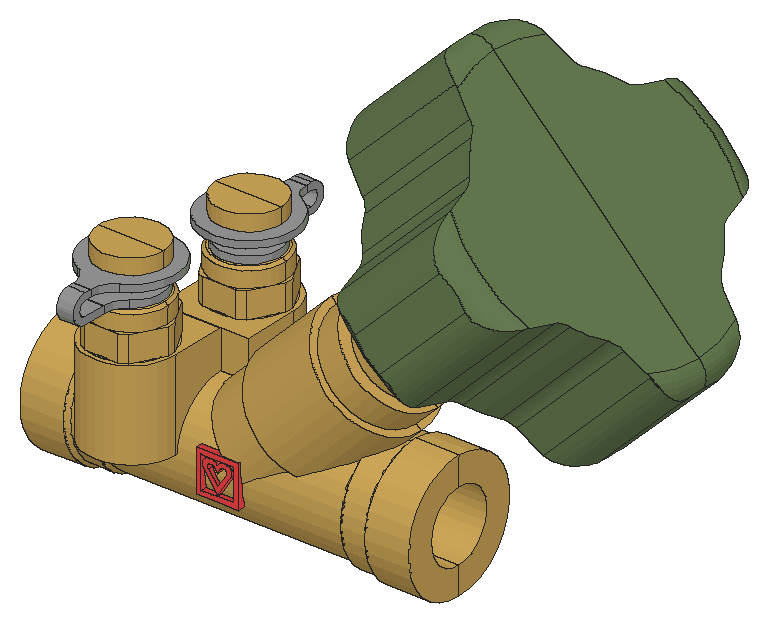
Revit family "HERZ Commissioning Valve With Metering Station For Drinking Water Systems 4017 MW", category Rohrzubehör, Revit 2018
Family settings
  Bemaßung runder Anschluss = Durchmesser verwenden
  Teiletyp = Unterbricht
  OmniClass-Nummer = 23.65.55.14
  OmniClass-Titel = Valves for Liquid Services
  Arbeitsebenenbasiert = Nein
  Immer vertikal = Ja
  Beim Laden mit Abzugskörper schneiden = Nein
  Gemeinsam genutzt = Nein
Parameters
  kvs-value [instance] = if(Nennweite = 15.000 mm, 2, if(Nennweite = 20.000 mm, 3.6, if(Nennweite = 25.000 mm, 6.5, if(Nennweite = 32.000 mm, 13.3, if(Nennweite = 40.000 mm, 18.5, if(Nennweite = 50.000 mm, 33, 0))))))  # 2
  kv-value of the orifice [instance] = if(Nennweite = 15.000 mm, 1.95, if(Nennweite = 20.000 mm, 3.95, if(Nennweite = 25.000 mm, 7.9, if(Nennweite = 32.000 mm, 15.75, if(Nennweite = 40.000 mm, 21.5, if(Nennweite = 50.000 mm, 46.7, 0))))))  # 1.95
  W01 = 45.00°  # constant formula
  URL = "www.herzvalves.com"
  SW01 = 60.00°  # constant formula
  SCRNSEQ = "FW;SBT_TYP_FW=\"109\";2"
  SCRNCODE = "04;00;02"  # constant formula
  S03 = 60.000 mm  # constant formula
  S02 [instance] = L04 + L06 + L07  # 76.800 mm
  S01 [instance] = D01 * 2  # 27.000 mm
  R03 = 21.500 mm  # constant formula
  R02 = 9.500 mm  # constant formula
  R01 = 12.000 mm  # constant formula
  Part number [instance] = size_lookup("4017_MW_", "Artnr", 0, Nennweite)  # 2401701
  O-Rings = "EPDM"  # constant formula
  Note = "Pursuant to Article 33 of the REACH Regulation (EC No. 1907/2006), we are obliged to point out that the material lead is listed on the SVHC list and that all brass components manufactured in our products exceed 0.1% (w / w) lead (CAS: 7439-92-1 / EINECS: 231-100-4).\r\nSince lead is a component part of an alloy, actual exposure is not possible and therefore no additional information on safe use is necessary."
  Model = "According to standard BS 7350 PN20 Series B\r\nAngle seat regulating valve made of copper alloy.\r\nAll metal parts in contact with water are made of dezincification-resistant copper alloy.\r\nThe upper parts are equipped with non-rising stem."
  Medium = "Water"  # constant formula
  L10 [instance] = size_lookup("4017_MW_", "L10", 1.000 mm, Nennweite)  # 28.500 mm
  L09 [instance] = size_lookup("4017_MW_", "L9", 1.000 mm, Nennweite)  # 22.500 mm
  L08 [instance] = size_lookup("4017_MW_", "L8", 1.000 mm, Nennweite)  # 12.700 mm
  L07 [instance] = size_lookup("4017_MW_", "L7", 1.000 mm, Nennweite)  # 35.100 mm
  L06 [instance] = size_lookup("4017_MW_", "L6", 1.000 mm, Nennweite)  # 6.500 mm
  L05 [instance] = size_lookup("4017_MW_", "L5", 1.000 mm, Nennweite)  # 20.200 mm
  L04 [instance] = size_lookup("4017_MW_", "L4", 1.000 mm, Nennweite)  # 35.200 mm
  L03 [instance] = size_lookup("4017_MW_", "L3", 1.000 mm, Nennweite)  # 1.000 mm
  Hand wheel = "plastic, green"  # constant formula
  H03 [instance] = H01 - 19.000 mm  # 1.000 mm
  H02 = 13.000 mm  # constant formula
  E01 [instance] = L00 / -2  # -41.500 mm
  E00 = 0.000 mm  # constant formula
  D09 [instance] = size_lookup("4017_MW_", "D9", 1.000 mm, Nennweite)  # 11.750 mm
  D08 [instance] = size_lookup("4017_MW_", "D8", 1.000 mm, Nennweite)  # 9.500 mm
  D07 [instance] = size_lookup("4017_MW_", "D7", 1.000 mm, Nennweite)  # 12.000 mm
  D06 [instance] = size_lookup("4017_MW_", "D6", 1.000 mm, Nennweite)  # 13.500 mm
  D05 [instance] = size_lookup("4017_MW_", "D5", 1.000 mm, Nennweite)  # 12.500 mm
  D04 [instance] = Nennweite / 2  # 7.500 mm
  IG [instance] = Nennweite / 2  # 7.500 mm
  D03 [instance] = size_lookup("4017_MW_", "D3", 1.000 mm, Nennweite)  # 11.900 mm
  D02 [instance] = size_lookup("4017_MW_", "D2", 1.000 mm, Nennweite)  # 12.700 mm
  D01 [instance] = size_lookup("4017_MW_", "D1", 1.000 mm, Nennweite)  # 13.500 mm
  Nennweite [instance] = 15.000 mm
  Max. differential pressure on closed seat = 1000000.0 Pa  # constant formula
  Max. operating temperature at 10 bar = 85 °C  # constant formula
  Max. operating pressure at 20°C = 2000000.0 Pa  # constant formula
  L02 [instance] = size_lookup("4017_MW_", "L2", 1.000 mm, Nennweite)  # 5.000 mm
  L01 [instance] = size_lookup("4017_MW_", "L1", 1.000 mm, Nennweite)  # 9.250 mm
  L00 [instance] = size_lookup("4017_MW_", "L", 1.000 mm, Nennweite)  # 83.000 mm
  Hersteller = "HERZ Armaturen Ges.m.b.H."  # constant formula
  H01 [instance] = size_lookup("4017_MW_", "H1", 1.000 mm, Nennweite)  # 20.000 mm
  GT [instance] = size_lookup("4017_MW_", "GT", 1.000 mm, Nennweite)  # 13.200 mm
  DN50 [instance] = Nennweite = 50.000 mm  # no
  DN40 [instance] = Nennweite = 40.000 mm  # no
  DN32 [instance] = Nennweite = 32.000 mm  # no
  DN25 [instance] = Nennweite = 25.000 mm  # no
  DN20 [instance] = Nennweite = 20.000 mm  # no
  DN15 [instance] = Nennweite = 15.000 mm  # yes
  Body = "DZR brass"  # constant formula
  Application = "For shutting off and regulating drinking water systems in buildings or for hydraulic balancing of supply lines."
Reference planes
  plane 1 "Mitte (Vorne/hinten)": y = 0
  plane 2: z = 0
  plane 3 "Mitte (Links/rechts)": x = 0
Forms (mm)
  Revolve 1, solid, material "Messing, weicher Gelbton, geschweißt", detail levels fine
    sketch origin (470, 0, 0) x (1, 0, 0) y (0, 0, 1)
      loop
        line (-511.5, 7.5) -> (-498.3, 7.5) -> (-498.3, 0) -> (-441.7, 0) -> (-441.7, 7.5) -> (-428.5, 7.5) -> (-428.5, 13.5) -> (-437.75, 13.5) -> (-438.55, 12.7) -> (-443.55, 12.7) -> (-444.35, 11.9) -> (-495.65, 11.9) -> (-496.45, 12.7) -> (-501.45, 12.7) -> (-502.25, 13.5) -> (-511.5, 13.5) -> (-511.5, 7.5)
      axis (-511.5, 0) -> (-428.5, 0)
    angle from 0 to 360
  Revolve 2, solid, material "Messing, weicher Gelbton, geschweißt", detail levels fine
    sketch origin (0.32, 0, -0.105) x (1, 0, 0) y (0, 0, 1)
      loop
        line (-1.32, 0.105) -> (52.986, 54.411) -> (44.677, 62.719) -> (35.697, 53.739) -> (37.288, 52.148) -> (21.449, 36.309) -> (19.681, 38.076) -> (15.085, 33.48) -> (14.024, 34.541) -> (-0.259, 20.257) -> (0.448, 19.55) -> (-7.098, 12.005) -> (-6.623, 5.408) -> (-1.32, 0.105)
      axis (-1.32, 0.105) -> (52.986, 54.411)
    angle from 0 to 360
  Extrusion 3, solid, material "Messing, weicher Gelbton, geschweißt", detail levels fine
    sketch origin (0, 0, 0) x (1, 0, 0) y (0, 1, 0)
      loop
        arc (-28.5, -12) -> (-19, -21.5) -> (-9.5, -12) r 9.5
        line (-9.5, -12) -> (-9.5, 0) -> (-28.5, 0) -> (-28.5, -12)
    from 1 <- "H03" to 20 <- "H01"
  Extrusion 4, solid, material "Messing, weicher Gelbton, geschweißt", detail levels fine
    sketch origin (0, 0, 0) x (1, 0, 0) y (0, 1, 0)
      loop
        line (-22.5, 12) -> (-22.5, 0) -> (-3.5, 0) -> (-3.5, 12)
        arc (-3.5, 12) -> (-13, 21.5) -> (-22.5, 12) r 9.5
    from 0 to 20 <- "H01"
Lines and regions (mm)
  model lines, detail levels coarse+medium
    curve 1: line (-41.5, 0, 13.5) -> (-41.5, 0, -13.5)
    curve 2: line (-41.5, 0, -13.5) -> (41.5, 0, 13.5)
    curve 3: line (41.5, 0, 13.5) -> (41.5, 0, -13.5)
    curve 4: line (41.5, 0, -13.5) -> (-41.5, 0, 13.5)
    curve 5: line (0, 0, 0) -> (38.4, 0, 66.511)
    curve 6: line (12.419, 0, 81.511) -> (64.381, 0, 51.511)
    curve 7: line (-41.5, -13.5, 0) -> (-41.5, 13.5, 0)
    curve 8: line (-41.5, 13.5, 0) -> (41.5, -13.5, 0)
    curve 9: line (41.5, -13.5, 0) -> (41.5, 13.5, 0)
    curve 10: line (41.5, 13.5, 0) -> (-41.5, -13.5, 0)
    curve 11: line (0, 0, 0) -> (38.4, 66.511, 0)
    curve 12: line (12.419, 81.511, 0) -> (64.381, 51.511, 0)
Dimensions and locks
  "L00": Revolve 1 sketch curve to Revolve 1 sketch curve
  equal spacing: Revolve 1 sketch curve, plane 3 "Mitte (Links/rechts)", Revolve 1 sketch curve
  "D01": Revolve 1 sketch curve to Revolve 1 sketch curve  (x2)
  "GT": Revolve 1 sketch curve to Revolve 1 sketch curve  (x2)
  "D06": Revolve 2 sketch curve to Revolve 2 sketch curve
  "D07": Revolve 2 sketch curve to Revolve 2 sketch curve
  "D08": Revolve 2 sketch curve to Revolve 2 sketch curve
  "D09": Revolve 2 sketch curve to Revolve 2 sketch curve
  equal spacing: curve 1, plane 3 "Mitte (Links/rechts)", curve 3
  "L00": curve 1 to curve 3
  equal spacing: curve 4, plane 2, curve 2
  "S01": curve 4 to curve 1
  "S01": curve 3 to curve 4
  equal spacing: curve 3, plane 2, curve 4
  "S02": curve 5 to curve 5
  equal spacing: curve 6, curve 5, curve 6
  "S03": curve 6 to curve 6
  equal spacing: curve 7, plane 3 "Mitte (Links/rechts)", curve 9
  "L00": curve 7 to curve 9
  equal spacing: curve 10, plane 1 "Mitte (Vorne/hinten)", curve 8
  "S01": curve 8 to curve 10
  equal spacing: curve 9, plane 1 "Mitte (Vorne/hinten)", curve 10
  "S01": curve 10 to curve 9
  "S02": curve 11 to curve 11
  equal spacing: curve 12, curve 11, curve 12
  "S03": curve 12 to curve 12
  "L01": Revolve 1 sketch curve to Revolve 1 sketch curve  (x2)
  "D02": Revolve 1 sketch curve to plane 2  (x2)
  "D03": Revolve 1 sketch curve to plane 2
  "IG": Revolve 1 sketch curve to plane 2  (x2)
  "L02": Revolve 1 sketch curve to Revolve 1 sketch curve  (x2)
  "L04": Revolve 2 sketch curve to Revolve 2 sketch curve
  "L05": Revolve 2 sketch curve to Revolve 2 sketch curve
  "D03": Revolve 2 sketch curve to plane 2
  "L06": Revolve 2 sketch curve to Revolve 2 sketch curve
  "L08": Revolve 2 sketch curve to Revolve 2 sketch curve
  "L07": Revolve 2 sketch curve to Revolve 2 sketch curve
  "D04": Revolve 2 sketch curve to Revolve 2 sketch curve
  "D05": Revolve 2 sketch curve to Revolve 2 sketch curve
  "L03": plane 3 "Mitte (Links/rechts)" to Revolve 2 sketch curve  (x2)
  "D03": nested 1 to plane 1 "Mitte (Vorne/hinten)"
  "L09": Revolve 1 to Extrusion 3 sketch curve
  "R01": Extrusion 3 sketch curve to plane 1 "Mitte (Vorne/hinten)"
  "R01": plane 1 "Mitte (Vorne/hinten)" to Extrusion 4 sketch curve
  "L10": Revolve 1 to Extrusion 4 sketch curve
  "H01": nested 3 to plane 2
  "H01": nested 2 to plane 2
  "R01": nested 3 to plane 1 "Mitte (Vorne/hinten)"
  "R01": plane 1 "Mitte (Vorne/hinten)" to nested 2
  "L10": Revolve 1 to nested 2
  "L09": Revolve 1 to nested 3
  "R02": radius of Extrusion 3 sketch curve
  "R02": radius of Extrusion 4 sketch curve
  "W01": angle level to Revolve 2 sketch curve
  "SW01": angle plane 2 to curve 5
  "SW01": angle plane 1 "Mitte (Vorne/hinten)" to curve 11
  "W01": angle Revolve 1 sketch curve to Revolve 1 sketch curve  (x4)
  "W01": angle plane 2 to Revolve 2 sketch curve
  aligned and locked: level to plane 2
Automatic sketch dimensions
  curve 5 to level = 0.000 mm
  plane 1 "Mitte (Vorne/hinten)" to curve 11 = 0.000 mm
  Revolve 1 sketch curve to level = 0.000 mm  (x2)
  Revolve 1 sketch curve to Revolve 1 sketch curve = 791.990 mm
  Revolve 1 sketch curve to Revolve 1 sketch curve = 2278.983 mm
  Revolve 2 sketch curve to level = 0.000 mm  (x2)
  plane 1 "Mitte (Vorne/hinten)" to Extrusion 3 sketch curve = 0.000 mm
  plane 1 "Mitte (Vorne/hinten)" to Extrusion 4 sketch curve = 0.000 mm
Nested families
  nested 1: "Herz-Logo-vorne" at (0, -11.9, 0) x (0, 1, 0) z (0, 0, 1), type "Herz-Logo-vorne", detail levels fine
  nested 2: "Messstutzen_Band_Austritt_senkrecht_(oben)" at (-13, 12, 2.5), type "Messstutzen_Band_Austritt_senkrecht_(oben)"
    with Schutzkappe yes, Nennweite 0.000 mm, Gewicht 0.00 kg, Bestellnummer 0
  nested 3: "Messstutzen_Band_Eintritt_senkrecht_(oben)" at (-19, -12, 2.5) x (-1, 0, 0) z (0, 0, 1), type "Messstutzen_Band_Eintritt_senkrecht_(oben)"
    with Schutzkappe yes, Nennweite 0.000 mm, Gewicht 0.00 kg, Bestellnummer 0
  nested 4: "Strangregulierventil-Handrad (Grün) DN15-DN32" at (53.306, 0, 54.306), visible <- "DN15", type "Strangregulierventil-Handrad (Grün) DN15-DN32"
    with Nennweite 0.000 mm, Gewicht 0.00 kg, Bestellnummer 0
  nested 5: "Strangregulierventil-Handrad (Grün) DN15-DN32" at (55.846, 0, 56.846), visible <- "DN20", type "Strangregulierventil-Handrad (Grün) DN15-DN32"
    with Nennweite 0.000 mm, Gewicht 0.00 kg, Bestellnummer 0
  nested 6: "Strangregulierventil-Handrad (Grün) DN15-DN32" at (64.569, 0, 70.069), visible <- "DN25", type "Strangregulierventil-Handrad (Grün) DN15-DN32"
    with Nennweite 0.000 mm, Gewicht 0.00 kg, Bestellnummer 0
  nested 7: "Strangregulierventil-Handrad (Grün) DN15-DN32" at (67.426, 0, 76.226), visible <- "DN32", type "Strangregulierventil-Handrad (Grün) DN15-DN32"
    with Nennweite 0.000 mm, Gewicht 0.00 kg, Bestellnummer 0
  nested 8: "Strangregulierventil-Handrad (Grün) DN40-DN50" at (76.747, 0, 88.247), visible <- "DN40", type "Strangregulierventil-Handrad (Grün) DN40-DN50"
    with Nennweite 0.000 mm, Gewicht 0.00 kg, Bestellnummer 0
  nested 9: "Strangregulierventil-Handrad (Grün) DN40-DN50" at (75.124, 0, 91.924), visible <- "DN50", type "Strangregulierventil-Handrad (Grün) DN40-DN50"
    with Nennweite 0.000 mm, Gewicht 0.00 kg, Bestellnummer 0
Connectors
  piping at (-28.3, 0, 0), diameter 15, driven by "Nennweite"
    settings: on Revolve 1, index 1, connector inside diameter 609.6 mm, connector length 0.000 mm, flow factor 0, pipe flow 0.0 L/s, pressure drop 0.0 Pa, fitting loss kfactor 0, connector angle 0.00°, fixture units 0, engagement length 0.000 mm, angle of deflection 0.00°, flow configuration 0, flow direction 1, fitting loss method 0, system type 29, joint type 0, gender type 0, connector reference index -1, connector utility 0, adjustable connector no, is connector primary yes, connector description ""
  piping at (28.3, 0, 0), diameter 15, driven by "Nennweite"
    settings: on Revolve 1, index 2, connector inside diameter 609.6 mm, connector length 0.000 mm, flow factor 0, pipe flow 0.0 L/s, pressure drop 0.0 Pa, fitting loss kfactor 0, connector angle 0.00°, fixture units 0, engagement length 0.000 mm, angle of deflection 0.00°, flow configuration 0, flow direction 2, fitting loss method 0, system type 29, joint type 0, gender type 0, connector reference index -1, connector utility 0, adjustable connector no, is connector primary no, connector description ""
Definition of nested family "Herz-Logo-vorne"
  Reference planes
    plane 1 "Mitte (Vorne/hinten)": y = 0
    plane 2: z = 0
    plane 3 "Mitte (Links/rechts)": x = 0
  Forms (mm)
    Extrusion 1, solid
      sketch origin (0.732, -0.018, 0.017) x (0, -1, 0) y (0, 0, 1)
        loop
          line (-0.018, -4.517) -> (4.482, -4.517) -> (4.482, 4.483) -> (-4.518, 4.483) -> (-4.518, -4.517) -> (-0.018, -4.517)
        loop
          line (-0.05, -3.48) -> (3.482, -3.48) -> (3.482, 3.483) -> (-3.518, 3.483) -> (-3.518, -3.48) -> (-0.05, -3.48)
        loop
          arc (-0.018, 2.383) -> (-1.543, 3.287) -> (-3.067, 2.383) r 1.738
          arc (-3.067, 2.383) -> (-3.191, 1.899) -> (-3.067, 1.415) r 1.009
          line (-3.067, 1.415) -> (-0.018, -3.281) -> (3.032, 1.415)
          arc (3.032, 1.415) -> (3.156, 1.899) -> (3.032, 2.383) r 1.009
          arc (3.032, 2.383) -> (1.507, 3.287) -> (-0.018, 2.383) r 1.738
        loop
          arc (1.885, 1.272) -> (2.005, 1.675) -> (1.885, 2.079) r 0.74
          arc (1.885, 2.079) -> (1.265, 2.416) -> (0.644, 2.079) r 0.74
          line (0.644, 2.079) -> (-0.018, 0.97) -> (-0.679, 2.079)
          arc (-0.679, 2.079) -> (-1.3, 2.416) -> (-1.921, 2.079) r 0.74
          arc (-1.921, 2.079) -> (-2.04, 1.675) -> (-1.921, 1.272) r 0.74
          line (-1.921, 1.272) -> (-0.018, -1.658) -> (1.885, 1.272)
      from 0 to 1.5
  Dimensions and locks
    aligned and locked: level to plane 2
Definition of nested family "Messstutzen_Band_Austritt_senkrecht_(oben)"
  Parameters (values of type "Messstutzen_Band_Austritt_senkrecht_(oben)")
    URL = "www.herz-armaturen.at"
    Schutzkappe [instance] = yes
    Nennweite [instance] = 0.000 mm
    Manufacturer = "Herz Armaturen GmbH"  # constant formula
    Gewicht [instance] = 0.00 kg
    Bestellnummer [instance] = 0
  Reference planes
    plane 1 "Mitte (Vorne/hinten)": y = 0
    plane 2: z = 0
    plane 3 "Mitte (Links/rechts)": x = 0
    plane 4 "Schlaufe 1": z = -27
    plane 5 "Schlaufe 2": z = -31.678
  Forms (mm)
    Revolve 1, solid, detail levels fine
      sketch origin (0, 0, 0) x (1, 0, 0) y (0, 0, 1)
        loop
          line (-7.4, 9) -> (-5.55, 9) -> (-5.55, 6)
          arc (-5.55, 6) -> (-5.626, 5.617) -> (-5.843, 5.293) r 1
          line (-5.843, 5.293) -> (-6.455, 4.681) -> (-6.455, 0.9) -> (-5.555, 0) -> (-2, 0) -> (-2, 17.5) -> (-8.4, 17.5)
          arc (-8.4, 17.5) -> (-7.693, 17.207) -> (-7.4, 16.5) r 1
          line (-7.4, 16.5) -> (-7.4, 9)
        loop
          line (-3.7, 27) -> (-7.3, 27) -> (-7.9, 26.4) -> (-7.9, 23) -> (-2, 23) -> (-2, 35.8) -> (-3.805, 35.8) -> (-4.415, 35.19) -> (-4.415, 30.863) -> (-3.7, 30.45) -> (-3.7, 27)
        axis (0, 0) -> (0, 35.8)
      angle from 0 to 360
    Extrusion 2, solid, detail levels fine
      sketch origin (0, 0, 17.5) x (0, 1, 0) y (-1, 0, 0)
        loop
          arc (-7.07, 5.156) -> (-7.578, 4.375) -> (-8, 3.544) r 8.75
          line (-8, 3.544) -> (-8, -3.544)
          arc (-8, -3.544) -> (-7.578, -4.375) -> (-7.07, -5.156) r 8.75
          line (-7.07, -5.156) -> (-0.93, -8.7)
          arc (-0.93, -8.7) -> (0, -8.75) -> (0.93, -8.7) r 8.75
          line (0.93, -8.7) -> (7.07, -5.156)
          arc (7.07, -5.156) -> (7.578, -4.375) -> (8, -3.544) r 8.75
          line (8, -3.544) -> (8, 3.544)
          arc (8, 3.544) -> (7.578, 4.375) -> (7.07, 5.156) r 8.75
          line (7.07, 5.156) -> (0.93, 8.7)
          arc (0.93, 8.7) -> (0, 8.75) -> (-0.93, 8.7) r 8.75
          line (-0.93, 8.7) -> (-7.07, 5.156)
      from 0 to 5.5
    Revolve 3, solid, visible <- "Schutzkappe", detail levels fine
      sketch origin (0, 0, 0) x (1, 0, 0) y (0, 0, 1)
        loop
          line (0, 35.878) -> (0, 36.678) -> (-7, 36.678) -> (-7, 33.378) -> (-6.1, 33.378) -> (-6.1, 31.678) -> (-6.9, 31.678) -> (-6.9, 30.178) -> (-4.415, 30.178) -> (-4.415, 35.268) -> (-3.805, 35.878) -> (0, 35.878)
        axis (0, 30.178) -> (0, 36.678)
      angle from 0 to 360
    Extrusion 4, solid, detail levels fine
      sketch origin (0, 0, 28.5) x (1, 0, 0) y (0, 1, 0)
        loop
          circle (0, 0) r 3.7
        loop
          arc (-3.906, 5.505) -> (0, -6.75) -> (3.906, 5.505) r 6.75
          arc (3.906, 5.505) -> (2.358, 7.288) -> (1.8, 9.582) r 5
          line (1.8, 9.582) -> (-1.8, 9.582)
          arc (-1.8, 9.582) -> (-2.358, 7.288) -> (-3.906, 5.505) r 5
      from 0 to -1.5
    Extrusion 5, solid, detail levels fine
      sketch origin (0, 0, 33.178) x (1, 0, 0) y (0, 1, 0)
        loop
          circle (0, 0) r 6.1
        loop
          arc (-4.495, 8.652) -> (0, -9.75) -> (4.495, 8.652) r 9.75
          arc (4.495, 8.652) -> (2.527, 10.493) -> (1.8, 13.089) r 5
          line (1.8, 13.089) -> (-1.8, 13.089)
          arc (-1.8, 13.089) -> (-2.527, 10.493) -> (-4.495, 8.652) r 5
      from 0 to -1.5
    Sweep 6, solid, detail levels fine
      path origin (0, 0, 0) x (0, 0, -1) y (0, -1, 0)
        loop
          line (-27.75, -9.582) -> (-27.75, -14.522)
          arc (-27.75, -14.522) -> (-30.089, -16.862) -> (-32.428, -14.522) r 2.339
          line (-32.428, -14.522) -> (-32.428, -13.089)
      profile origin (0, 12.052, 27.75) x (0, 0, 1) y (1, 0, 0)
        loop
          line (-0.75, -1.8) -> (0.75, -1.8) -> (0.75, 1.8) -> (-0.75, 1.8) -> (-0.75, -1.8)
  Dimensions and locks
    aligned and locked: level to plane 2
Definition of nested family "Messstutzen_Band_Eintritt_senkrecht_(oben)"
  Parameters (values of type "Messstutzen_Band_Eintritt_senkrecht_(oben)")
    URL = "www.herz-armaturen.at"
    Schutzkappe [instance] = yes
    Nennweite [instance] = 0.000 mm
    Manufacturer = "Herz Armaturen GmbH"  # constant formula
    Gewicht [instance] = 0.00 kg
    Bestellnummer [instance] = 0
  Reference planes
    plane 1 "Mitte (Vorne/hinten)": y = 0
    plane 2: z = 0
    plane 3 "Mitte (Links/rechts)": x = 0
    plane 4 "Schlaufe 1": z = -27
    plane 5 "Schlaufe 2": z = -31.678
  Forms (mm)
    Revolve 1, solid, detail levels fine
      sketch origin (0, 0, 0) x (1, 0, 0) y (0, 0, 1)
        loop
          line (-7.4, 9) -> (-5.55, 9) -> (-5.55, 6)
          arc (-5.55, 6) -> (-5.626, 5.617) -> (-5.843, 5.293) r 1
          line (-5.843, 5.293) -> (-6.455, 4.681) -> (-6.455, 0.9) -> (-5.555, 0) -> (-2, 0) -> (-2, 17.5) -> (-8.4, 17.5)
          arc (-8.4, 17.5) -> (-7.693, 17.207) -> (-7.4, 16.5) r 1
          line (-7.4, 16.5) -> (-7.4, 9)
        loop
          line (-3.7, 27) -> (-7.3, 27) -> (-7.9, 26.4) -> (-7.9, 23) -> (-2, 23) -> (-2, 35.8) -> (-3.805, 35.8) -> (-4.415, 35.19) -> (-4.415, 30.863) -> (-3.7, 30.45) -> (-3.7, 27)
        axis (0, 0) -> (0, 35.8)
      angle from 0 to 360
    Extrusion 2, solid, detail levels fine
      sketch origin (0, 0, 17.5) x (0, 1, 0) y (-1, 0, 0)
        loop
          arc (-7.07, 5.156) -> (-7.578, 4.375) -> (-8, 3.544) r 8.75
          line (-8, 3.544) -> (-8, -3.544)
          arc (-8, -3.544) -> (-7.578, -4.375) -> (-7.07, -5.156) r 8.75
          line (-7.07, -5.156) -> (-0.93, -8.7)
          arc (-0.93, -8.7) -> (0, -8.75) -> (0.93, -8.7) r 8.75
          line (0.93, -8.7) -> (7.07, -5.156)
          arc (7.07, -5.156) -> (7.578, -4.375) -> (8, -3.544) r 8.75
          line (8, -3.544) -> (8, 3.544)
          arc (8, 3.544) -> (7.578, 4.375) -> (7.07, 5.156) r 8.75
          line (7.07, 5.156) -> (0.93, 8.7)
          arc (0.93, 8.7) -> (0, 8.75) -> (-0.93, 8.7) r 8.75
          line (-0.93, 8.7) -> (-7.07, 5.156)
      from 0 to 5.5
    Revolve 3, solid, visible <- "Schutzkappe", detail levels fine
      sketch origin (0, 0, 0) x (1, 0, 0) y (0, 0, 1)
        loop
          line (0, 35.878) -> (0, 36.678) -> (-7, 36.678) -> (-7, 33.378) -> (-6.1, 33.378) -> (-6.1, 31.678) -> (-6.9, 31.678) -> (-6.9, 30.178) -> (-4.415, 30.178) -> (-4.415, 35.268) -> (-3.805, 35.878) -> (0, 35.878)
        axis (0, 30.178) -> (0, 36.678)
      angle from 0 to 360
    Extrusion 4, solid, detail levels fine
      sketch origin (0, 0, 28.5) x (1, 0, 0) y (0, 1, 0)
        loop
          circle (0, 0) r 3.7
        loop
          arc (-3.906, 5.505) -> (0, -6.75) -> (3.906, 5.505) r 6.75
          arc (3.906, 5.505) -> (2.358, 7.288) -> (1.8, 9.582) r 5
          line (1.8, 9.582) -> (-1.8, 9.582)
          arc (-1.8, 9.582) -> (-2.358, 7.288) -> (-3.906, 5.505) r 5
      from 0 to -1.5
    Extrusion 5, solid, detail levels fine
      sketch origin (0, 0, 33.178) x (1, 0, 0) y (0, 1, 0)
        loop
          circle (0, 0) r 6.1
        loop
          arc (-4.495, 8.652) -> (0, -9.75) -> (4.495, 8.652) r 9.75
          arc (4.495, 8.652) -> (2.527, 10.493) -> (1.8, 13.089) r 5
          line (1.8, 13.089) -> (-1.8, 13.089)
          arc (-1.8, 13.089) -> (-2.527, 10.493) -> (-4.495, 8.652) r 5
      from 0 to -1.5
    Sweep 6, solid, detail levels fine
      path origin (0, 0, 0) x (0, 0, -1) y (0, -1, 0)
        loop
          line (-27.75, -9.582) -> (-27.75, -14.522)
          arc (-27.75, -14.522) -> (-30.089, -16.862) -> (-32.428, -14.522) r 2.339
          line (-32.428, -14.522) -> (-32.428, -13.089)
      profile origin (0, 12.052, 27.75) x (0, 0, 1) y (1, 0, 0)
        loop
          line (-0.75, -1.8) -> (0.75, -1.8) -> (0.75, 1.8) -> (-0.75, 1.8) -> (-0.75, -1.8)
  Dimensions and locks
    aligned and locked: level to plane 2
Definition of nested family "Strangregulierventil-Handrad (Grün) DN15-DN32"
  Parameters (values of type "Strangregulierventil-Handrad (Grün) DN15-DN32")
    URL = "www.herz-armaturen.at"
    Nennweite [instance] = 0.000 mm
    Manufacturer = "Herz Armaturen GmbH"  # constant formula
    Gewicht [instance] = 0.00 kg
    Bestellnummer [instance] = 0
  Reference planes
    plane 1 "Mitte (Vorne/hinten)": y = 0
    plane 2: z = 0
    plane 3 "Mitte (Links/rechts)": x = 0
  Forms (mm)
    Revolve 1, solid, detail levels fine
      sketch origin (0, 0, 0) x (0.707107, 0, -0.707107) y (0.707107, 0, 0.707107)
        loop
          line (0, 0) -> (0, 24.95) -> (-30.992, 24.95)
          arc (-30.992, 24.95) -> (-34.37, 23.636) -> (-35.973, 20.386) r 5
          line (-35.973, 20.386) -> (-37, 8.65) -> (-35.986, -2.936)
          arc (-35.986, -2.936) -> (-34.383, -6.186) -> (-31.005, -7.5) r 5
          line (-31.005, -7.5) -> (-15, -7.5) -> (-15, 0) -> (0, 0)
        axis (0, 24.95) -> (0, -7.5)
      angle from 0 to 360
    Extrusion 2, void
      sketch origin (14.354, 0, 14.354) x (0.707107, 0, -0.707107) y (0, 1, 0)
        loop
          line (3.861, 35.5) -> (-3.861, 35.5)
          arc (-3.861, 35.5) -> (-8.731, 33.847) -> (-11.589, 29.571) r 8
          line (-11.589, 29.571) -> (-13.284, 23.245)
          arc (-13.284, 23.245) -> (-13.982, 21.722) -> (-15.144, 20.516) r 5
          arc (-15.144, 20.516) -> (-18.031, 18.031) -> (-20.516, 15.144) r 25.5
          arc (-20.516, 15.144) -> (-21.722, 13.982) -> (-23.245, 13.284) r 5
          line (-23.245, 13.284) -> (-29.571, 11.589)
          arc (-29.571, 11.589) -> (-33.847, 8.731) -> (-35.5, 3.861) r 8
          line (-35.5, 3.861) -> (-35.5, -3.861)
          arc (-35.5, -3.861) -> (-33.847, -8.731) -> (-29.571, -11.589) r 8
          line (-29.571, -11.589) -> (-23.245, -13.284)
          arc (-23.245, -13.284) -> (-21.722, -13.982) -> (-20.516, -15.144) r 5
          arc (-20.516, -15.144) -> (-18.031, -18.031) -> (-15.144, -20.516) r 25.5
          arc (-15.144, -20.516) -> (-13.982, -21.722) -> (-13.284, -23.245) r 5
          line (-13.284, -23.245) -> (-11.589, -29.571)
          arc (-11.589, -29.571) -> (-8.731, -33.847) -> (-3.861, -35.5) r 8
          line (-3.861, -35.5) -> (3.861, -35.5)
          arc (3.861, -35.5) -> (8.731, -33.847) -> (11.589, -29.571) r 8
          line (11.589, -29.571) -> (13.284, -23.245)
          arc (13.284, -23.245) -> (13.982, -21.722) -> (15.144, -20.516) r 5
          arc (15.144, -20.516) -> (18.031, -18.031) -> (20.516, -15.144) r 25.5
          arc (20.516, -15.144) -> (21.722, -13.982) -> (23.245, -13.284) r 5
          line (23.245, -13.284) -> (29.571, -11.589)
          arc (29.571, -11.589) -> (33.847, -8.731) -> (35.5, -3.861) r 8
          line (35.5, -3.861) -> (35.5, 3.861)
          arc (35.5, 3.861) -> (33.847, 8.731) -> (29.571, 11.589) r 8
          line (29.571, 11.589) -> (23.245, 13.284)
          arc (23.245, 13.284) -> (21.722, 13.982) -> (20.516, 15.144) r 5
          arc (20.516, 15.144) -> (18.031, 18.031) -> (15.144, 20.516) r 25.5
          arc (15.144, 20.516) -> (13.982, 21.722) -> (13.284, 23.245) r 5
          line (13.284, 23.245) -> (11.589, 29.571)
          arc (11.589, 29.571) -> (8.731, 33.847) -> (3.861, 35.5) r 8
        loop
          circle (0, 0) r 38
      from -31.266 to 7.923
  Cuts and joins
    Extrusion 2 cuts Revolve 1
  Dimensions and locks
    Revolve 1 sketch curve to Revolve 1 sketch curve = 15.000 mm
    Revolve 1 sketch curve to Revolve 1 sketch curve = 16.150 mm
    Revolve 1 sketch curve to Revolve 1 sketch curve = 16.300 mm
    angle Revolve 1 sketch curve to Revolve 1 sketch curve = 95.00°
    aligned and locked: level to plane 2
Definition of nested family "Strangregulierventil-Handrad (Grün) DN40-DN50"
  Parameters (values of type "Strangregulierventil-Handrad (Grün) DN40-DN50")
    URL = "www.herz-armaturen.at"
    Nennweite [instance] = 0.000 mm
    Manufacturer = "Herz Armaturen GmbH"  # constant formula
    Gewicht [instance] = 0.00 kg
    Bestellnummer [instance] = 0
  Reference planes
    plane 1 "Mitte (Vorne/hinten)": y = 0
    plane 2: z = 0
    plane 3 "Mitte (Links/rechts)": x = 0
  Forms (mm)
    Revolve 1, solid, detail levels fine
      sketch origin (0, 0, 0) x (0.707107, 0, -0.707107) y (0.707107, 0, 0.707107)
        loop
          line (0, 0) -> (0, 24.95) -> (-50.992, 24.95)
          arc (-50.992, 24.95) -> (-54.37, 23.636) -> (-55.973, 20.386) r 5
          line (-55.973, 20.386) -> (-57, 8.65) -> (-55.986, -2.936)
          arc (-55.986, -2.936) -> (-54.383, -6.186) -> (-51.005, -7.5) r 5
          line (-51.005, -7.5) -> (-15, -7.5) -> (-15, 0) -> (0, 0)
        axis (0, 24.95) -> (0, -7.5)
      angle from 0 to 360
    Extrusion 2, void
      sketch origin (14.354, 0, 14.354) x (0.707107, 0, -0.707107) y (0, 1, 0)
        loop
          line (-55, 6.292) -> (-55, -6.292)
          arc (-55, -6.292) -> (-52.52, -13.597) -> (-46.106, -17.883) r 12
          line (-46.106, -17.883) -> (-35.399, -20.752)
          arc (-35.399, -20.752) -> (-33.541, -21.612) -> (-32.08, -23.047) r 6
          arc (-32.08, -23.047) -> (-27.931, -27.931) -> (-23.047, -32.08) r 39.5
          arc (-23.047, -32.08) -> (-21.612, -33.541) -> (-20.752, -35.399) r 6
          line (-20.752, -35.399) -> (-17.883, -46.106)
          arc (-17.883, -46.106) -> (-13.597, -52.52) -> (-6.292, -55) r 12
          line (-6.292, -55) -> (6.292, -55)
          arc (6.292, -55) -> (13.597, -52.52) -> (17.883, -46.106) r 12
          line (17.883, -46.106) -> (20.752, -35.399)
          arc (20.752, -35.399) -> (21.612, -33.541) -> (23.047, -32.08) r 6
          arc (23.047, -32.08) -> (27.931, -27.931) -> (32.08, -23.047) r 39.5
          arc (32.08, -23.047) -> (33.541, -21.612) -> (35.399, -20.752) r 6
          line (35.399, -20.752) -> (46.106, -17.883)
          arc (46.106, -17.883) -> (52.52, -13.597) -> (55, -6.292) r 12
          line (55, -6.292) -> (55, 6.292)
          arc (55, 6.292) -> (52.52, 13.597) -> (46.106, 17.883) r 12
          line (46.106, 17.883) -> (35.399, 20.752)
          arc (35.399, 20.752) -> (33.541, 21.612) -> (32.08, 23.047) r 6
          arc (32.08, 23.047) -> (27.931, 27.931) -> (23.047, 32.08) r 39.5
          arc (23.047, 32.08) -> (21.612, 33.541) -> (20.752, 35.399) r 6
          line (20.752, 35.399) -> (17.883, 46.106)
          arc (17.883, 46.106) -> (13.597, 52.52) -> (6.292, 55) r 12
          line (6.292, 55) -> (-6.292, 55)
          arc (-6.292, 55) -> (-13.597, 52.52) -> (-17.883, 46.106) r 12
          line (-17.883, 46.106) -> (-20.752, 35.399)
          arc (-20.752, 35.399) -> (-21.612, 33.541) -> (-23.047, 32.08) r 6
          arc (-23.047, 32.08) -> (-27.931, 27.931) -> (-32.08, 23.047) r 39.5
          arc (-32.08, 23.047) -> (-33.541, 21.612) -> (-35.399, 20.752) r 6
          line (-35.399, 20.752) -> (-46.106, 17.883)
          arc (-46.106, 17.883) -> (-52.52, 13.597) -> (-55, 6.292) r 12
        loop
          circle (0, 0) r 60
      from -31.161 to 7.489
  Cuts and joins
    Extrusion 2 cuts Revolve 1
  Dimensions and locks
    Revolve 1 sketch curve to Revolve 1 sketch curve = 15.000 mm
    Revolve 1 sketch curve to Revolve 1 sketch curve = 16.150 mm
    Revolve 1 sketch curve to Revolve 1 sketch curve = 16.300 mm
    Revolve 1 sketch curve to Revolve 1 sketch curve = 57.000 mm
    angle Revolve 1 sketch curve to Revolve 1 sketch curve = 95.00°
    aligned and locked: level to plane 2
